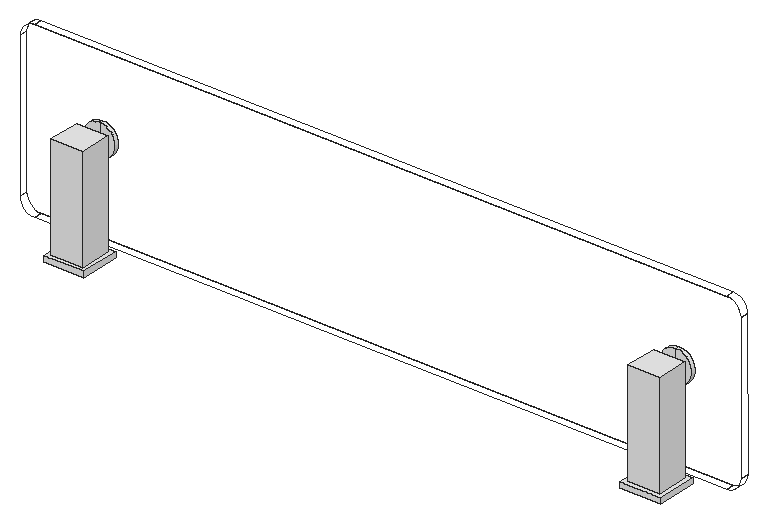
Revit family "Shelf-Glass-Caroma Quatro", category Specialty Equipment, host Face, Revit 2013
Parameters (values of type "Standard")
  URL = "http://www.caroma.com.au/"
  Type Comments = "Caroma Quatro Glass Shelf"  # constant formula
  Size = 1
  ModifiedIssue_ANZRS = 1  # constant formula
  Model = "90731C"  # constant formula
  Material_ANZRS = Metal-Chrome-Caroma
  Manufacturer = "GWA Bathrooms & Kitchens"  # constant formula
  Length_ANZRS = 500 mm  # constant formula
  Glazing = Glass-Clear-Caroma
  Description = ""
  Default Elevation = 900 mm
  CreatedBy_ANZRS = "Design Content"  # constant formula
  CreatedByURL_ANZRS = "www.designcontent.com.au"
  Cost = 0
  Assembly Code = "C1030200"
Reference planes
  plane 1 "Center (Elevation)": y = 0
  plane 2 "Back": z = 0
  plane 3 "Center (Left/Right)": x = 0
  plane 4 "Left": x = -250
  plane 5 "Right": x = 250
  plane 6 "Top": y = 17
  plane 7 "Bottom": y = -14
  plane 8 "Front": z = 127
  plane 9: x = 200
  plane 10: x = -200
Forms (mm)
  Extrusion 1, solid, material "Glass-Clear-Caroma" <- "Glazing"
    sketch origin (0, 0, 0) x (1, 0, 0) y (0, 0, 1)
      loop
        line (240, 127) -> (-240, 127)
        arc (-240, 127) -> (-247.071, 124.071) -> (-250, 117) r 10
        line (-250, 117) -> (-250, 17)
        arc (-250, 17) -> (-247.071, 9.929) -> (-240, 7) r 10
        line (-240, 7) -> (240, 7)
        arc (240, 7) -> (247.071, 9.929) -> (250, 17) r 10
        line (250, 17) -> (250, 117)
        arc (250, 117) -> (247.071, 124.071) -> (240, 127) r 10
    from -17 to -10.989
  Extrusion 2, solid, material "Metal-Chrome-Caroma" <- "Material_ANZRS"
    sketch origin (0, 0, 0) x (1, 0, 0) y (0, 1, 0)
      loop
        line (-214, 14) -> (-214, -14) -> (-186, -14) -> (-186, 14) -> (-214, 14)
      loop
        line (214, 14) -> (186, 14) -> (186, -14) -> (214, -14) -> (214, 14)
    from 0 to 4
  Extrusion 3, solid, material "Metal-Chrome-Caroma" <- "Material_ANZRS"
    sketch origin (0, 0, 0) x (1, 0, 0) y (0, 1, 0)
      loop
        line (-211, 11) -> (-211, -11) -> (-189, -11) -> (-189, 11) -> (-211, 11)
      loop
        line (211, 11) -> (189, 11) -> (189, -11) -> (211, -11) -> (211, 11)
    from 4 to 75.954
  Revolve 4, solid, material "Metal-Chrome-Caroma" <- "Material_ANZRS"
    sketch origin (-200, 1524, 1219.2) x (0, 1, 0) y (0, 0, 1)
      loop
        line (-1507, -1149.658) -> (-1513, -1149.658) -> (-1513, -1152.2) -> (-1503.011, -1152.2)
        arc (-1503.011, -1152.2) -> (-1503.385, -1146.651) -> (-1504.5, -1141.203) r 41.348
        line (-1504.5, -1141.203) -> (-1507, -1141.203) -> (-1507, -1149.658)
      axis (-1503.011, -1152.2) -> (-1513, -1152.2)
    angle from 0 to 360
  Revolve 5, solid, material "Metal-Chrome-Caroma" <- "Material_ANZRS"
    sketch origin (200, 1524, 1219.2) x (0, 1, 0) y (0, 0, -1)
      loop
        line (-1507, 1149.658) -> (-1507, 1141.203) -> (-1504.5, 1141.203)
        arc (-1504.5, 1141.203) -> (-1503.385, 1146.651) -> (-1503.011, 1152.2) r 41.348
        line (-1503.011, 1152.2) -> (-1513, 1152.2) -> (-1513, 1149.658) -> (-1507, 1149.658)
      axis (-1503.011, 1152.2) -> (-1513, 1152.2)
    angle from 0 to 360
Dimensions and locks
  "Length_ANZRS": plane 4 "Left" to plane 5 "Right"
  equal spacing: plane 4 "Left", plane 3 "Center (Left/Right)", plane 5 "Right"
  plane 10 to plane 3 "Center (Left/Right)" to plane 9 = 200 mm, 200 mm
  aligned and locked: plane 2 "Back" to host face
  aligned and locked: level to host face
Automatic sketch dimensions
  host sketch curve to host sketch curve = 2438.4 mm  (x2)
  Extrusion 1 sketch curve to plane 4 "Left" = 0 mm
  Extrusion 1 sketch curve to plane 8 "Front" = 0 mm
  Extrusion 1 sketch curve to plane 5 "Right" = 0 mm
  level to Extrusion 1 sketch curve = 7 mm
  plane 4 "Left" to Extrusion 1 sketch curve = 10 mm  (x2)
  Extrusion 1 sketch curve to plane 5 "Right" = 10 mm  (x2)
  plane 7 "Bottom" to Extrusion 2 sketch curve = 0 mm  (x2)
  Extrusion 2 sketch curve to plane 10 = 14 mm
  plane 6 "Top" to Extrusion 2 sketch curve = 3 mm  (x2)
  plane 10 to Extrusion 2 sketch curve = 14 mm
  Extrusion 2 sketch curve to plane 9 = 14 mm
  plane 9 to Extrusion 2 sketch curve = 14 mm
  Extrusion 3 sketch curve to plane 7 "Bottom" = 3 mm  (x2)
  Extrusion 3 sketch curve to plane 10 = 11 mm
  plane 10 to Extrusion 3 sketch curve = 11 mm
  Extrusion 3 sketch curve to plane 9 = 11 mm
  plane 9 to Extrusion 3 sketch curve = 11 mm
  plane 6 "Top" to Extrusion 3 sketch curve = 6 mm  (x2)
  Revolve 4 sketch curve to plane 6 "Top" = 0 mm  (x2)
  Revolve 4 sketch curve to plane 6 "Top" = 3.989 mm
  Revolve 4 sketch curve to plane 8 "Front" = 60 mm
  plane 6 "Top" to Revolve 4 sketch curve = 6 mm
  Revolve 4 sketch curve to Revolve 4 sketch curve = 2.5 mm
  plane 7 "Bottom" to Revolve 4 sketch curve = 6.359 mm
  Revolve 4 sketch curve to Revolve 4 sketch curve = 4 mm
  Revolve 4 sketch curve to Revolve 4 sketch curve = 2.542 mm  (x2)
  Revolve 5 sketch curve to plane 6 "Top" = 0 mm  (x2)
  Revolve 5 sketch curve to plane 8 "Front" = 49.003 mm
  plane 6 "Top" to Revolve 5 sketch curve = 6 mm
  Revolve 5 sketch curve to Revolve 5 sketch curve = 2.5 mm
  Revolve 5 sketch curve to Revolve 5 sketch curve = 3.989 mm
  plane 7 "Bottom" to Revolve 5 sketch curve = 6.359 mm
  Revolve 5 sketch curve to Revolve 5 sketch curve = 4 mm
  Revolve 5 sketch curve to Revolve 5 sketch curve = 2.542 mm
  Revolve 5 sketch curve to Revolve 5 sketch curve = 0 mm
